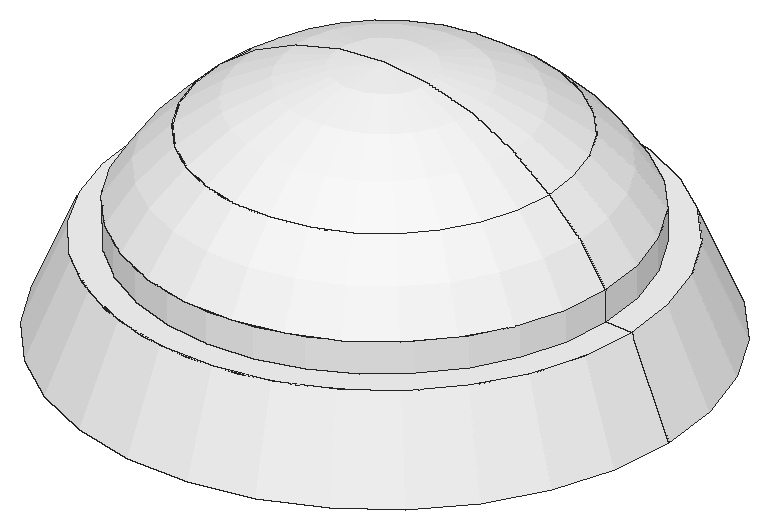
Revit family "Zumtobel ED-SENS", category Lighting Fixtures, host Face, Revit 2014
Parameters (values of type "ED-SENS")
  Width = 355 mm  # constant formula
  URL = "hwww.zumtobel.co.uk/22154506"
  Type Comments = "© Zumtobel. We reserve the right to make technical changes without prior notice."  # constant formula
  Model = "22154506"
  Manufacturer = "Zumtobel Lighting"  # constant formula
  Length = 355 mm  # constant formula
  Lamp = ""
  Height = 350 mm  # constant formula
  Description = "Surface-mounted motion sensor"  # constant formula
  Default Elevation = 0 mm
  Cover [instance] = Zumtobel_Acryl Transparent
  Body [instance] = Zumtobel_Plastics White
  Assembly Code = "D5020200"
  Apparent Load = 0 VA  # constant formula
Reference planes
  plane 1 "Center (Front/Back)": y = -48.5
  plane 2 "Top": z = 0
  plane 3 "Center (Left/Right)": x = -0.5
  plane 4: z = 42
Forms (mm)
  Revolve 1, solid, material "Zumtobel_Plastics White" <- "Body"
    sketch origin (0, -48.5, 0) x (1, 0, 0) y (0, 0, 1)
      loop
        line (-0.5, 0) -> (-0.5, 31.455) -> (-29.332, 31.455)
        arc (-29.332, 31.455) -> (-34.65, 26.136) -> (-39, 20) r 44.687
        line (-39, 20) -> (-39, 15) -> (-43.633, 15) -> (-50, 0) -> (-0.5, 0)
      axis (-0.5, 31.455) -> (-0.5, 0)
    angle from 0 to 360
  Revolve 2, solid, material "Zumtobel_Acryl Transparent" <- "Cover"
    sketch origin (0, -48.5, 0) x (1, 0, 0) y (0, 0, 1)
      loop
        line (-29.332, 31.455) -> (-0.5, 31.455) -> (-0.5, 42)
        arc (-0.5, 42) -> (-15.85, 39.281) -> (-29.332, 31.455) r 44.687
      axis (-0.5, 42) -> (-0.5, 31.455)
    angle from 0 to 360
Dimensions and locks
  aligned and locked: plane 2 "Top" to host face
  aligned and locked: level to host face
